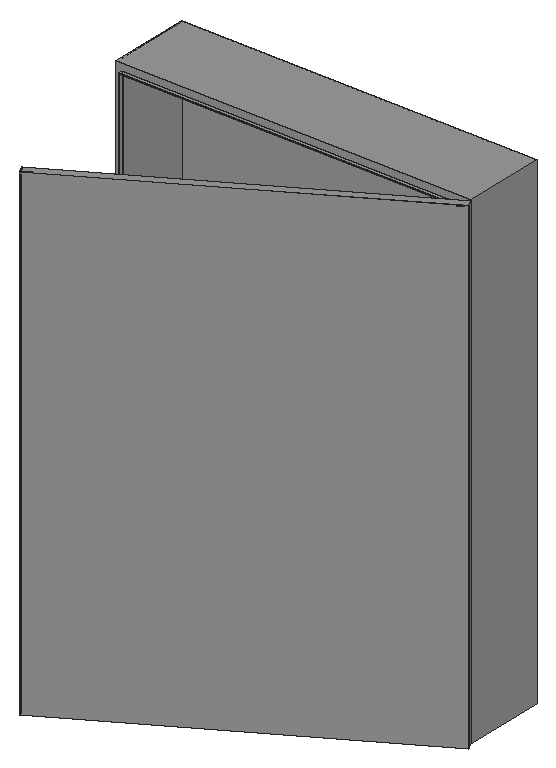
Revit family "Hager-Univers-IP54-D205-H1100-Cl.II-Encl-NoHosted-PL-en", category Equipement électrique, Revit 2020
Family settings
  Configuration du panneau = Deux colonnes, circuits au sein
  Cote de connecteur circulaire = Utiliser le diamètre
  Type d'élément = Tableau de raccordement
  Basée sur le plan de construction = Oui
  Toujours verticalement = Oui
  Couper avec des vides une fois chargée = Non
  Partagée = Non
  Point de calcul de pièce = Non
Parameters (values of type "Surface mounted (plaster) IP54 W800 H1100 D205  - FP73SW2")
  Width Control [instance] = if([EF000008 - Width] > Min Width, [EF000008 - Width], Min Width)  # 800 mm
  Commentaires du type = [HG000003 - Range]  # "Univers"
  Thickness Door [instance] = if([EF009171 - Material plate thickness door/cover] > 3 mm, 3 mm, [EF009171 - Material plate thickness door/cover])  # 1 mm
  Seal Frame Offset [instance] = 17 mm  # constant formula
  Plinth Visibility [instance] = [HG000027 - Plinth height] > 0 mm  # no
  Min Width [instance] = 100 mm  # constant formula
  Min Depth [instance] = (2 * [EF009170 - Material plate thickness cabinet]) + 1 mm  # 3 mm
  Min Height [instance] = 100 mm  # constant formula
  Internal Frame Depth [instance] = (Door System Depth * 0.5)  # 9 mm
  Panel Name [instance] = ""  # (empty or 0)
  Model = ""
  HG000027 - Plinth height = 0 mm
  HG000026 - Floor standing = no
  HG000024 - Bottom section height = 600 mm
  HG000023 - Double section enclosure = no
  HG000016 - Door 3d visibility [instance] = yes
  HG000015 - Clearance visibility [instance] = no
  HG000014 - Door on the right [instance] = yes
  HG000013 - Door on the left [instance] = not([HG000014 - Door on the right])  # no
  HG000012 - Door swing angle [instance] = 30.00°
  HG000010 - Asymmetric doors = no
  HG000009 - Double swing door = no
  HG000006 - Flush mounted = no
  HG000004 - Manufacturer reference = "FP73SW2"
  HG000003 - Range = "Univers"
  HG000002 - With door or cover = yes
  Frame Offset Bottom [instance] = 10 mm  # constant formula
  Frame Offset [instance] = 15 mm  # constant formula
  EF015940 - Cover with overpressure release = no
  EF011959 - Degree of protection (NEMA) = ""
  EF009554 - Number of openings for flange plates = 6
  EF009212 - Cover model = "EV000116 - Closed"
  EF009171 - Material plate thickness door/cover = 1 mm
  EF009170 - Material plate thickness cabinet = 1 mm
  EF008873 - Nominal current (In) = 250 A
  EF007800 - Suitable for lightning protection = no
  EF006306 - With lock = no
  EF006244 - Transparent cover/door = no
  EF005474 - Degree of protection (IP) = "EV006419 - IP54"
  EF004464 - Type of door = "EV002646 - Single"
  EF004427 - Number of modules = 252
  EF004293 - Impact strength = "EV006815 - IK09"
  EF003532 - Suitable for outdoor use = no
  EF002950 - Width in number of modular spacings = 36
  EF001613 - Circuit integrity = "EV000494 - None"
  EF001596 - Material housing = "EV000179 - Steel"
  EF001131 - Internal depth = 130 mm
  EF001088 - Extension possible = yes
  EF000437 - Number of conduit inlets = 6
  EF000339 - Type of cover = "EV004216 - Door"
  EF000266 - Number of rows = 7
  EF000218 - Built-in depth = 205 mm
  EF000118 - With mounting plate = no
  EF000116 - RAL-number = "9010"
  EF000049 - Depth = 205 mm
  EF000040 - Height = 1100 mm
  EF000008 - Width = 800 mm
  EF000007 - Colour = "EV000202 - White"
  EF000003 - Mounting method = "EV000384 - Surface mounted (plaster)"
  Door System Leaf Tolerance [instance] = 1.5 mm  # constant formula
  Door System Depth [instance] = 18 mm  # constant formula
  Door Height [instance] = Height Control - [HG000027 - Plinth height]  # 1100 mm
  Description = ""
  Default Elevation = 1219.2 mm
  Connector Offset [instance] = Height Control / 2  # 550 mm
  Fabricant = "Hager"  # constant formula
  Height Control [instance] = if([EF000040 - Height] > Min Height, [EF000040 - Height], Min Height)  # 1100 mm
  Depth Control [instance] = if([EF000049 - Depth] > Min Depth, [EF000049 - Depth], Min Depth)  # 205 mm
  Bottom Top Plate Trim [instance] = 1.5 mm  # constant formula
  Plinth height Ctrl [instance] = if([HG000027 - Plinth height] > 0 mm, [HG000027 - Plinth height], 12 mm)  # 12 mm
Types (5, lengths in mm): name | Width Control | HG000010 - Asymmetric doors | HG000009 - Double swing door | HG000004 - Manufacturer reference | EF009554 - Number of openings for flange plates | EF004464 - Type of door | EF004427 - Number of modules | EF002950 - Width in number of modular spacings | EF000437 - Number of conduit inlets | EF000008 - Width
  Surface mounted (plaster) IP54 W1050 H1100 D205  - FP74SW2 | 1050 | no | yes | "FP74SW2" | 8 | "EV003602 - Double" | 336 | 48 | 8 | 1050
  Surface mounted (plaster) IP54 W1300 H1100 D205  - FP75SW2 | 1300 | yes | yes | "FP75SW2" | 10 | "EV003602 - Double" | 420 | 60 | 10 | 1300
  Surface mounted (plaster) IP54 W300 H1100 D205  - FP71SW2 | 300 | no | no | "FP71SW2" | 2 | "EV002646 - Single" | 84 | 12 | 2 | 300
  Surface mounted (plaster) IP54 W550 H1100 D205  - FP72SW2 | 550 | no | no | "FP72SW2" | 4 | "EV002646 - Single" | 168 | 24 | 4 | 550
  Surface mounted (plaster) IP54 W800 H1100 D205  - FP73SW2 | 800 | no | no | "FP73SW2" | 6 | "EV002646 - Single" | 252 | 36 | 6 | 800
Reference planes
  plane 1 "Center (Front/Back)": y = 0
  plane 2: z = 0
  plane 3 "Center (Left/Right)": x = 0
  plane 4: y = 0
  plane 5: y = 0
  plane 6: z = 0
  plane 7: x = -400
  plane 8: x = 400
  plane 9: x = 399
  plane 10: x = -399
  plane 11: z = 0
  plane 12: z = 1
  plane 13: y = -205
  plane 14: y = -1
  plane 15: x = 0
  plane 16: y = -187
  plane 17: y = -204
  plane 18: y = -186
  plane 19: x = -384
  plane 20: x = 384
  plane 21: z = 11
  plane 22: x = -383
  plane 23: x = 383
  plane 24: z = 0
  plane 25: z = 1100
  plane 26: z = 1100
  plane 27: z = 1084
  plane 28: z = 1099
Forms (mm)
  Extrusion 1, solid, material "Hager_Steel_RAL7035_Light_Grey", detail levels medium+fine
    sketch origin (-208.679, -4572, 0) x (-1, 0, 0) y (0, -1, 0)
      loop
        line (191.321, -4385) -> (-608.679, -4385) -> (-608.679, -4572) -> (191.321, -4572) -> (191.321, -4385)
    from 0 to 1100
  Extrusion 2, void
    sketch origin (-350.771, -205, 1219.2) x (1, 0, 0) y (0, 0, 1)
      loop
        line (-48.229, -120.2) -> (-48.229, -1218.2) -> (749.771, -1218.2) -> (749.771, -120.2) -> (-48.229, -120.2)
    from -19 to -204
  Extrusion 3, void
    sketch origin (-290.084, -187, 1219.2) x (1, 0, 0) y (0, 0, 1)
      loop
        line (-93.916, -1208.2) -> (674.084, -1208.2) -> (674.084, -135.2) -> (-93.916, -135.2) -> (-93.916, -1208.2)
    from 0 to -1
  Extrusion 4, solid, material "Hager_Steel_RAL7035_Light_Grey", visible <- "Plinth Visibility", detail levels medium+fine
    sketch origin (0, 0, 0) x (1, 0, 0) y (0, 1, 0)
      loop
        line (-400, 0) -> (-400, -187) -> (400, -187) -> (400, 0) -> (-400, 0)
    from 0 to 12 <- "Plinth height Ctrl"
  Extrusion 5, solid, material "Hager_Steel_RAL7035_Light_Grey", detail levels coarse
    sketch origin (0, 0, 0) x (1, 0, 0) y (0, 1, 0)
      loop
        line (-400, 0) -> (-400, -205) -> (400, -205) -> (400, 0) -> (-400, 0)
    from 0 to 1100 <- "Height Control"
  Sweep 6, void
    path in 3D
      loop
        line (-400, -187, 12) -> (400, -187, 12) -> (400, 0, 12) -> (-400, 0, 12) -> (-400, -187, 12)
    profile origin (-400, -93.5, 12) x (1, 0, 0) y (0, 0, 1)
      loop
        line (0, 0) -> (0, -1.5) -> (1.5, -1.5)
        arc (1.5, -1.5) -> (1.061, -0.439) -> (0, 0) r 1.5
  Extrusion 7, solid, material "Hager_Steel_RAL7035_Light_Grey", detail levels fine
    sketch origin (-400, -187, 0) x (1, 0, 0) y (0, 0, 1)
      loop
        line (16, 11) -> (784, 11) -> (784, 1084) -> (16, 1084) -> (16, 11)
      loop
        line (15, 10) -> (785, 10) -> (785, 1085) -> (15, 1085) -> (15, 10)
    from 0 to 9 <- "Internal Frame Depth"
Cuts and joins
  Extrusion 2, Extrusion 3 cuts Extrusion 1
  Sweep 6 cuts Extrusion 4
Lines and regions (mm)
  Masking region 1
    outline origin (0, 0, 0) x (1, 0, 0) y (0, 1, 0)
      loop
        line (-400, 0) -> (-400, -205) -> (400, -205) -> (400, 0) -> (-400, 0)
  Masking region 2, detail levels coarse
    outline origin (-290.084, -187, 1219.2) x (-1, 0, 0) y (0, 0, 1)
      loop
        line (-690.084, -1219.2) -> (109.916, -1219.2) -> (109.916, -119.2) -> (-690.084, -119.2) -> (-690.084, -1219.2)
  Masking region 3, detail levels coarse
    outline origin (0, 0, 0) x (0, 1, 0) y (0, 0, 1)
      loop
        line (0, 0) -> (0, 1100) -> (-205, 1100) -> (-205, 0) -> (0, 0)
  Masking region 4, visible <- "Plinth Visibility", detail levels medium+fine
    outline origin (0, 0, 0) x (0, 1, 0) y (0, 0, 1)
      loop
        line (-1.5, 12) -> (-185.5, 12)
        arc (-185.5, 12) -> (-185.939, 10.939) -> (-187, 10.5) r 1.5
        line (-187, 10.5) -> (-187, 0) -> (0, 0) -> (0, 10.5)
        arc (0, 10.5) -> (-1.061, 10.939) -> (-1.5, 12) r 1.5
  Masking region 5, detail levels medium+fine
    outline origin (0, 0, 594.038) x (0, 1, 0) y (0, 0, 1)
      loop
        line (0, -594.038) -> (0, 505.962) -> (-187, 505.962) -> (-187, -594.038) -> (0, -594.038)
  Masking region 6, detail levels medium+fine
    outline origin (-359.7, -187, 1211.883) x (-1, 0, 0) y (0, 0, 1)
      loop
        line (-759.7, -1211.883) -> (40.3, -1211.883) -> (40.3, -111.883) -> (-759.7, -111.883) -> (-759.7, -1211.883)
  Masking region 7, visible <- "Plinth Visibility", detail levels medium+fine
    outline origin (-320.334, -187, 1041.368) x (-1, 0, 0) y (0, 0, 1)
      loop
        line (-720.334, -1041.368) -> (79.666, -1041.368) -> (79.666, -1030.868)
        arc (79.666, -1030.868) -> (78.606, -1030.429) -> (78.166, -1029.368) r 1.5
        line (78.166, -1029.368) -> (-718.834, -1029.368)
        arc (-718.834, -1029.368) -> (-719.273, -1030.429) -> (-720.334, -1030.868) r 1.5
        line (-720.334, -1030.868) -> (-720.334, -1041.368)
  sketch lines
    curve 1: line (-400, 0, 12) -> (-400, -187, 12)
    curve 2: line (-400, -187, 12) -> (400, -187, 12)
    curve 3: line (400, 0, 12) -> (-400, 0, 12)
    curve 4: line (400, -187, 12) -> (400, 0, 12)
Dimensions and locks
  locked: plane 1 "Center (Front/Back)" to plane 5
  "EF009170 - Material plate thickness cabinet": plane 7 to plane 10
  "EF009170 - Material plate thickness cabinet": plane 8 to plane 9
  equal spacing: plane 7, plane 3 "Center (Left/Right)", plane 8
  "Width Control": plane 7 to plane 8
  "Depth Control": plane 4 to plane 13
  "EF009170 - Material plate thickness cabinet": plane 4 to plane 14
  "Height Control": plane 25 to level
  "HG000027 - Plinth height": plane 11 to level
  "EF009170 - Material plate thickness cabinet": plane 12 to plane 11
  "EF009170 - Material plate thickness cabinet": plane 17 to plane 13
  "EF009170 - Material plate thickness cabinet": plane 18 to plane 16
  "Frame Offset Bottom": plane 21 to plane 12
  "Frame Offset": plane 10 to plane 19
  "Frame Offset": plane 9 to plane 20
  "Door System Depth": plane 16 to plane 13
  "Seal Frame Offset": plane 7 to plane 22
  "Seal Frame Offset": plane 8 to plane 23
  "EF009170 - Material plate thickness cabinet": plane 26 to plane 28
  "Frame Offset": plane 28 to plane 27
  "Connector Offset": plane 2 to connector elem
  "Bottom Top Plate Trim": profile plane to Sweep 6 sketch curve
  "Bottom Top Plate Trim": Sweep 6 sketch curve to Sweep 6 sketch curve
  "Plinth height Ctrl": Masking region 4 sketch curve to level
  "Plinth height Ctrl": Masking region 7 sketch curve to level
  "Thickness Door": Extrusion 7 sketch curve to Extrusion 7 sketch curve  (x4)
  "Bottom Top Plate Trim": radius of Sweep 6 sketch curve
  "Bottom Top Plate Trim": radius of Masking region 4 sketch curve  (x2)
  "Bottom Top Plate Trim": radius of Masking region 7 sketch curve  (x2)
  aligned and locked: Extrusion 2 sketch curve to plane 12
  aligned and locked: Extrusion 2 sketch curve to plane 9
  aligned and locked: Extrusion 2 sketch curve to plane 10
  aligned and locked: Extrusion 2 to plane 14
  aligned and locked: Extrusion 1 sketch curve to plane 4
  aligned and locked: plane 8 to Extrusion 1 sketch curve
  aligned and locked: plane 7 to Extrusion 1 sketch curve
  aligned and locked: Extrusion 2 to plane 18
  aligned and locked: Extrusion 3 sketch curve to plane 19
  aligned and locked: plane 20 to Extrusion 3 sketch curve
  aligned and locked: Extrusion 3 to Extrusion 2
  aligned and locked: Extrusion 3 sketch curve to plane 21
  aligned and locked: plane 3 "Center (Left/Right)" to nested 1
  aligned and locked: Extrusion 1 sketch curve to plane 16
  aligned and locked: Extrusion 4 sketch curve to cut or joined group of Extrusion 1, Extrusion 2, Extrusion 3
  aligned and locked: Masking region 1 sketch curve to plane 7
  aligned and locked: Masking region 1 sketch curve to plane 5
  aligned and locked: Masking region 1 sketch curve to plane 8
  aligned and locked: Masking region 2 sketch curve to level
  aligned and locked: level to Masking region 3 sketch curve
  aligned and locked: plane 1 "Center (Front/Back)" to Masking region 3 sketch curve
  aligned and locked: plane 13 to Masking region 3 sketch curve
  aligned and locked: plane 5 to Masking region 4 sketch curve
  aligned and locked: Masking region 2 sketch curve to plane 8
  aligned and locked: Masking region 2 sketch curve to plane 7
  aligned and locked: plane 7 to nested 2
  aligned and locked: nested 2 to plane 5
  aligned and locked: plane 5 to Masking region 5 sketch curve
  aligned and locked: plane 26 to Masking region 5 sketch curve
  aligned and locked: Extrusion 5 sketch curve to plane 8
  aligned and locked: Extrusion 5 sketch curve to plane 7
  aligned and locked: Extrusion 5 sketch curve to plane 5
  aligned and locked: Extrusion 3 sketch curve to plane 27
  aligned and locked: Extrusion 2 sketch curve to plane 28
  aligned and locked: Masking region 2 to plane 25
  aligned and locked: Extrusion 4 to plane 16
  aligned and locked: profile plane to Sweep 6 sketch curve
  aligned and locked: Masking region 5 sketch curve to plane 24
  aligned and locked: level to Masking region 4 sketch curve
  aligned and locked: Masking region 1 to plane 13
  aligned and locked: nested 1 to plane 16
  aligned and locked: Masking region 3 to plane 25
  aligned and locked: plane 16 to Masking region 4 sketch curve
  aligned and locked: Masking region 5 sketch curve to plane 16
  aligned and locked: plane 24 to plane 11
  aligned and locked: plane 26 to plane 25
  aligned and locked: plane 26 to cut or joined group of Extrusion 1, Extrusion 2, Extrusion 3
  aligned and locked: nested 1 to plane 24
  aligned and locked: Extrusion 1 to Extrusion 3
  aligned and locked: Masking region 6 sketch curve to plane 8
  aligned and locked: Masking region 6 sketch curve to plane 24
  aligned and locked: Masking region 6 sketch curve to plane 7
  aligned and locked: Masking region 6 sketch curve to plane 26
  aligned and locked: Masking region 7 sketch curve to plane 7
  aligned and locked: level to Masking region 7 sketch curve
  aligned and locked: Masking region 7 sketch curve to plane 8
  aligned and locked: Extrusion 7 sketch curve to cut or joined group of Extrusion 1, Extrusion 2, Extrusion 3  (x4)
Automatic sketch dimensions
  plane 19 to Extrusion 3 sketch curve = 0 mm
  Extrusion 3 sketch curve to plane 20 = 0 mm
  Extrusion 3 sketch curve to plane 21 = 0 mm
  Extrusion 4 sketch curve to plane 7 = 0 mm
  Extrusion 4 sketch curve to plane 8 = 0 mm
  Extrusion 4 sketch curve to plane 16 = 0 mm
  Masking region 1 sketch curve to plane 13 = 0 mm
  Masking region 2 sketch curve to plane 25 = 0 mm
  Masking region 3 sketch curve to plane 25 = 0 mm
  Extrusion 5 sketch curve to plane 13 = 0 mm
  profile plane to Sweep 6 sketch curve = 0 mm
Nested families
  nested 1: "EC000058_Univers_Door" at (0, -187, 0), Double <- "HG000009 - Double swing door", Transparent <- "EF006244 - Transparent cover/door", Angle <- "HG000012 - Door swing angle", Door_Right <- "HG000014 - Door on the right", Assymetrical <- "HG000010 - Asymmetric doors", Door <- "HG000002 - With door or cover", Width_Ctrl <- "Width Control", 3d_Door <- "HG000016 - Door 3d visibility", Clearance <- "HG000015 - Clearance visibility", Door_Left <- "HG000013 - Door on the left", Width <- "Width Control", Door_Depth <- "Door System Depth", Leaf_Tolerance <- "Door System Leaf Tolerance", Height <- "Door Height", Lock_Visibility <- "EF006306 - With lock", Thickness <- "Thickness Door", type "EC000058_Univers_Door", detail levels medium+fine
    with min_wh 3 mm, Width_Ctrl 800 mm, Width 800 mm, Transparent no, Thickness 1 mm, Seal_Material Hager_Rubber, Lock_Visibility no, Lock_Material Hager_Plastic_RAL9005_Jet_Black, Leaf_Width 800 mm, Leaf_Tolerance_External_Sides 0 mm, Leaf_Tolerance 1.5 mm, Leaf_Offset 0 mm, Leaf_Height 1097 mm, Leaf_2_Width 800 mm, Leaf_2_Offset 400 mm, Leaf_1_Width 800 mm, Leaf_1_Offset 400 mm, Height_Ctrl 1100 mm, Height 1100 mm, Glass_Material Hager_Glass, Double_Clearance_Ctrl no, Double no, Door_Right_Ctrl yes, Door_Right yes, Door_Material Hager_Steel_RAL7035_Light_Grey, Door_Left_Ctrl no, Door_Left no, Door_Depth 18 mm, Door yes, Clearance_Material Hager_Clearance, Clearance_Depth 800 mm, Clearance_Ctrl no, Clearance no, Assymetrical no, Angle 30.00°, 3d_Door yes
  nested 2: "Hager_Enclosure_Symbol" at (-400, 0, 0), Height <- "Depth Control", Width <- "Width Control", type "Hager_Enclosure_Symbol"
    with Width_Ctrl 800 mm, Width 800 mm, Height_Ctrl 205 mm, Height 205 mm, A_Width_Int 13.453 mm, A_Width 161.438 mm, A_Height_Ctrl 179.375 mm, A_Height 179.375 mm
Connectors
  electrical at (0, 0, 550)
    settings: on plane 1 "Center (Front/Back)", index 1, voltage 0 V, apparent load 0 VA, apparent load phase1 0 VA, apparent load phase2 0 VA, apparent load phase3 0 VA, power factor 1, load classification "Other", number of poles 1, system type 30, power factor state 1, is connector primary yes, connector utility no, sub classification motor no, connector description ""
Definition of nested family "EC000058_Univers_Door"
  Parameters (values of type "EC000058_Univers_Door")
    min_wh [instance] = (2 * Thickness) + 1 mm  # 11 mm
    Width_Ctrl [instance] = 400 mm
    Width [instance] = 500 mm
    Transparent [instance] = yes
    Thickness [instance] = 5 mm
    Seal_Material [instance] = none
    Lock_Visibility [instance] = yes
    Lock_Material [instance] = none
    Leaf_Width [instance] = if((Width_Ctrl - 2 * Leaf_Tolerance_External_Sides) > 0 mm, (Width_Ctrl - 2 * Leaf_Tolerance_External_Sides), min_wh)  # 400 mm
    Leaf_Tolerance_External_Sides [instance] = 0 mm  # constant formula
    Leaf_Tolerance [instance] = 1.5 mm
    Leaf_Offset [instance] = 0 mm  # constant formula
    Leaf_Height [instance] = if((Height_Ctrl - 2 * Leaf_Tolerance) > 0 mm, (Height_Ctrl - 2 * Leaf_Tolerance), min_wh)  # 497 mm
    Leaf_2_Width [instance] = if(and(and(Double, Assymetrical), Door_Left), (Leaf_Width / 3) - (Leaf_Tolerance / 2), if(and(and(Double, Assymetrical), Door_Right), (Leaf_Width / 3) * 2 - (Leaf_Tolerance / 2), if(and(Double, not(Assymetrical)), (Leaf_Width / 2) - Leaf_Tolerance, Leaf_Width)))  # 400 mm
    Leaf_2_Offset [instance] = if(and(Double, Assymetrical), Leaf_2_Width / 2, if(and(Double, not(Assymetrical)), Leaf_Width / 4, Leaf_Width / 2))  # 200 mm
    Leaf_1_Width [instance] = if(and(and(Double, Assymetrical), Door_Right), (Leaf_Width / 3) - (Leaf_Tolerance / 2), if(and(and(Double, Assymetrical), Door_Left), (Width / 3) * 2 - (Leaf_Tolerance / 2), if(and(Double, not(Assymetrical)), (Leaf_Width / 2) - Leaf_Tolerance, Leaf_Width)))  # 400 mm
    Leaf_1_Offset [instance] = if(and(Double, Assymetrical), Leaf_1_Width / 2, if(and(Double, not(Assymetrical)), Leaf_Width / 4, Leaf_Width / 2))  # 200 mm
    Height_Ctrl [instance] = if(Height > min_wh, Height, min_wh)  # 500 mm
    Height [instance] = 500 mm
    Glass_Material [instance] = none
    Double_Clearance_Ctrl [instance] = and(Double, Clearance)  # no
    Double [instance] = no
    Door_Right_Ctrl [instance] = and(or(Door_Right, Double), Door)  # yes
    Door_Right [instance] = yes
    Door_Material [instance] = none
    Door_Left_Ctrl [instance] = and(or(Door_Left, Double), Door)  # no
    Door_Left [instance] = no
    Door_Depth [instance] = 30 mm
    Door [instance] = yes
    Default Elevation = 1219.2 mm
    Clearance_Material [instance] = none
    Clearance_Depth [instance] = if(Leaf_1_Width > Leaf_2_Width, Leaf_1_Width, Leaf_2_Width)  # 400 mm
    Clearance_Ctrl [instance] = and(not(Double), Clearance)  # yes
    Clearance [instance] = yes
    Assymetrical [instance] = yes
    Angle [instance] = 30.00°
    3d_Door [instance] = yes
  Reference planes
    plane 1 "Center (Front/Back)": y = 0
    plane 2 "Bottom": z = 0
    plane 3 "Center (Left/Right)": x = 0
    plane 4: z = 500
    plane 5: x = -200
    plane 6: x = 200
    plane 7: z = 500
    plane 8: x = -200
    plane 9: z = 0
    plane 10: x = 200
    plane 11: y = 0
    plane 12: z = 1.5
    plane 13: x = -600
    plane 14: y = -400
    plane 15: x = 600
    plane 16: x = 0
    plane 17: x = 0
    plane 18: x = -200
    plane 19: x = 200
    plane 20: z = 498.5
  Forms (mm)
    Extrusion 1, solid, material <- "Clearance_Material", visible <- "Double_Clearance_Ctrl"
      sketch origin (1200, 0, 0) x (1, 0, 0) y (0, 0, -1)
        loop
          line (-1800, -498.5) -> (-600, -498.5) -> (-600, 0) -> (-1800, 0) -> (-1800, -498.5)
      from 0 to -400
  Dimensions and locks
    equal spacing: plane 5, plane 3 "Center (Left/Right)", plane 6
    "Width_Ctrl": plane 5 to plane 6
    "Leaf_Offset": plane 5 to plane 8
    "Leaf_Offset": plane 6 to plane 10
    "Leaf_Offset": plane 9 to level
    "Leaf_Offset": plane 4 to plane 7
    "Height_Ctrl": plane 4 to level
    "Leaf_Tolerance": plane 12 to plane 9
    locked: plane 11 to plane 1 "Center (Front/Back)"
    "Leaf_1_Offset": plane 18 to plane 16
    "Leaf_2_Offset": plane 17 to plane 19
    "Leaf_1_Width": plane 13 to plane 8
    "Leaf_2_Width": plane 10 to plane 15
    "Clearance_Depth": plane 14 to plane 1 "Center (Front/Back)"
    "Leaf_Tolerance_External_Sides": plane 8 to plane 18
    "Leaf_Tolerance_External_Sides": plane 19 to plane 10
    "Leaf_Tolerance": plane 7 to plane 20
    aligned and locked: level to plane 2 "Bottom"
    aligned and locked: nested 1 to plane 16
    aligned and locked: nested 2 to plane 17
    aligned and locked: Extrusion 1 to plane 13
    aligned and locked: plane 15 to Extrusion 1
    aligned and locked: Extrusion 1 to plane 14
    aligned and locked: plane 12 to nested 1
    aligned and locked: nested 2 to plane 12
    aligned and locked: Extrusion 1 to plane 11
    aligned and locked: plane 20 to Extrusion 1
    aligned and locked: nested 2 to plane 11
    aligned and locked: nested 1 to plane 11
  Automatic sketch dimensions
    Extrusion 1 sketch curve to level = 0 mm
    plane 5 to Extrusion 1 sketch curve = 400 mm
    plane 6 to Extrusion 1 sketch curve = 400 mm
    Extrusion 1 sketch curve to plane 4 = 1.5 mm
  Nested families
    nested 1: "EC000058_Univers_Door_Leaf" at (0, 0, 1.5), Width <- "Leaf_1_Width", visible <- "Door_Left_Ctrl", Leaf_Height <- "Leaf_Height", Angle <- "Angle", 3d_Door <- "3d_Door", Transparent <- "Transparent", Clearance Material <- "Clearance_Material", Clearance <- "Clearance_Ctrl", Door_Material <- "Door_Material", Glass_Material <- "Glass_Material", Door_Depth <- "Door_Depth", Lock_Material <- "Lock_Material", Seal_Material <- "Seal_Material", Lock_Visibility <- "Lock_Visibility", Thickness <- "Thickness", type "EC000058_Univers_Door_Leaf"
      with Width 400 mm, Transparent_Glass_Offset 30 mm, Transparent_Ctrl yes, Transparent yes, Thickness 5 mm, Standard no, Seal_Material none, Seal_D2 8 mm, Seal_D1 1 mm, Offset_Internal_Frame 10 mm, Lock_Width 20 mm, Lock_Visibility_3d yes, Lock_Visibility yes, Lock_Thickness_3 3 mm, Lock_Thickness_2 1 mm, Lock_Thickness_1 3 mm, Lock_Radius_Offset_2 16 mm, Lock_Radius_Offset_1 15 mm, Lock_Radius_2 5 mm, Lock_Radius 6 mm, Lock_Offset 5 mm, Lock_Material none, Lock_Height 80 mm, Lock_Cover_Top_Offset_2d 17 mm, Lock_Cover_Height -65 mm, Leaf_Height 497 mm, Internal_Seal_Thickness 8 mm, Internal_Seal_Depth_2 4.5 mm, Internal_Frame_Depth 25 mm, Glass_Thickness -1 mm, Glass_Offset -2 mm, Glass_Material none, Door_Material none, Door_Depth 30 mm, Clearance Material none, Clearance yes, Angle_Ctrl 30.00°, Angle 30.00°, 3d_Door yes
    nested 2: "EC000058_Univers_Door_Leaf" at (0, 0, 1.5) x (-1, 0, 0) z (0, 0, 1), Width <- "Leaf_2_Width", visible <- "Door_Right_Ctrl", Leaf_Height <- "Leaf_Height", Angle <- "Angle", 3d_Door <- "3d_Door", Transparent <- "Transparent", Clearance Material <- "Clearance_Material", Clearance <- "Clearance_Ctrl", Door_Material <- "Door_Material", Glass_Material <- "Glass_Material", Door_Depth <- "Door_Depth", Lock_Material <- "Lock_Material", Seal_Material <- "Seal_Material", Lock_Visibility <- "Lock_Visibility", Thickness <- "Thickness", type "EC000058_Univers_Door_Leaf"
      with Width 400 mm, Transparent_Glass_Offset 30 mm, Transparent_Ctrl yes, Transparent yes, Thickness 5 mm, Standard no, Seal_Material none, Seal_D2 8 mm, Seal_D1 1 mm, Offset_Internal_Frame 10 mm, Lock_Width 20 mm, Lock_Visibility_3d yes, Lock_Visibility yes, Lock_Thickness_3 3 mm, Lock_Thickness_2 1 mm, Lock_Thickness_1 3 mm, Lock_Radius_Offset_2 16 mm, Lock_Radius_Offset_1 15 mm, Lock_Radius_2 5 mm, Lock_Radius 6 mm, Lock_Offset 5 mm, Lock_Material none, Lock_Height 80 mm, Lock_Cover_Top_Offset_2d 17 mm, Lock_Cover_Height -65 mm, Leaf_Height 497 mm, Internal_Seal_Thickness 8 mm, Internal_Seal_Depth_2 4.5 mm, Internal_Frame_Depth 25 mm, Glass_Thickness -1 mm, Glass_Offset -2 mm, Glass_Material none, Door_Material none, Door_Depth 30 mm, Clearance Material none, Clearance yes, Angle_Ctrl 30.00°, Angle 30.00°, 3d_Door yes
  Definition of nested family "EC000058_Univers_Door_Leaf"
    Parameters (values of type "EC000058_Univers_Door_Leaf")
      Width [instance] = 2000 mm
      Transparent_Glass_Offset [instance] = 30 mm
      Transparent_Ctrl [instance] = and(Transparent, [3d_Door])  # yes
      Transparent [instance] = yes
      Thickness [instance] = 5 mm
      Standard [instance] = and(not(Transparent), [3d_Door])  # no
      Seal_Material [instance] = none
      Seal_D2 [instance] = 8 mm  # constant formula
      Seal_D1 [instance] = 1 mm  # constant formula
      Offset_Internal_Frame [instance] = 10 mm  # constant formula
      Lock_Width [instance] = 20 mm  # constant formula
      Lock_Visibility_3d [instance] = and(Lock_Visibility, [3d_Door])  # yes
      Lock_Visibility [instance] = yes
      Lock_Thickness_3 [instance] = 3 mm  # constant formula
      Lock_Thickness_2 [instance] = 1 mm  # constant formula
      Lock_Thickness_1 [instance] = 3 mm  # constant formula
      Lock_Radius_Offset_2 [instance] = Lock_Radius_Offset_1 + 1 mm  # 16 mm
      Lock_Radius_Offset_1 [instance] = 15 mm  # constant formula
      Lock_Radius_2 [instance] = Lock_Radius - 1 mm  # 5 mm
      Lock_Radius [instance] = 6 mm  # constant formula
      Lock_Offset [instance] = 5 mm  # constant formula
      Lock_Material [instance] = none
      Lock_Height [instance] = 80 mm  # constant formula
      Lock_Cover_Top_Offset_2d [instance] = Lock_Radius_Offset_2 + 1 mm  # 17 mm
      Lock_Cover_Height [instance] = -(Lock_Height - Lock_Radius_Offset_1)  # -65 mm
      Leaf_Height [instance] = 2720.336 mm
      Internal_Seal_Thickness [instance] = 8 mm  # constant formula
      Internal_Seal_Depth_2 [instance] = 4.5 mm  # constant formula
      Internal_Frame_Depth [instance] = if(Door_Depth - Thickness > 5 mm, Door_Depth - Thickness, 5 mm)  # 25 mm
      Glass_Thickness [instance] = if(Thickness > 15 mm, Glass_Offset + 10 mm, -1 mm)  # -1 mm
      Glass_Offset [instance] = if(Thickness > 15 mm, -(Thickness + 10 mm) / 2, -2 mm)  # -2 mm
      Glass_Material [instance] = none
      Door_Material [instance] = none
      Door_Depth [instance] = 30 mm
      Default Elevation = 0 mm
      Clearance Material [instance] = none
      Clearance [instance] = yes
      Angle_Ctrl [instance] = if(Angle > 180.00°, 180.00°, Angle)  # 90.00°
      Angle [instance] = 90.00°
      3d_Door [instance] = yes
    Reference planes
      plane 1 "Center (Front/Back)": y = 0
      plane 2: z = 0
      plane 3 "Center (Left/Right)": x = 0
      plane 4: y = 2000
      plane 5: x = -1000
      plane 6: x = 1000
      plane 7: x = -3000
      plane 8: z = 2720.336
      plane 9: z = 30
      plane 10: z = 2690.336
      plane 11: x = 970
      plane 12: x = -970
      plane 13: y = -3
      plane 14: z = 107.833
      plane 15: y = -5
      plane 16: y = -223.314
      plane 17: x = -1000
      plane 18: z = 1360.168
      plane 19: y = 30
    Forms (mm)
      Extrusion 1, solid, material <- "Clearance Material", visible <- "Clearance"
        sketch origin (0, 0, 0) x (1, 0, 0) y (0, 0, 1)
          loop
            line (-3000, 2720.336) -> (-3000, 0) -> (1000, 0) -> (1000, 2720.336) -> (-3000, 2720.336)
        from 0 to -2000
      Extrusion 2, solid, material <- "Door_Material", visible <- "Standard", detail levels medium+fine
        sketch origin (-1000, 0, 0) x (0, 1, 0) y (-1, 0, 0)
          loop
            line (0, 30) -> (0, 25) -> (2000, 25) -> (2000, 30) -> (0, 30)
        from 0 to 2720.336 <- "Leaf_Height"
      Extrusion 3, solid, material <- "Door_Material", visible <- "Transparent_Ctrl", detail levels medium+fine
        sketch origin (-1000, 0, 0) x (0, 1, 0) y (-1, 0, 0)
          loop
            line (0, 25) -> (2000, 25) -> (2000, 30) -> (0, 30) -> (0, 25)
        from 0 to 2720.336 <- "Leaf_Height"
      Extrusion 4, void
        sketch origin (-1025, 2000, 0) x (0, 1, 0) y (0, 0, -1)
          loop
            line (-30, -2690.336) -> (-30, -30) -> (-1970, -30) -> (-1970, -2690.336) -> (-30, -2690.336)
        from 0 to 5 <- "Thickness"
      Sweep 5, solid, material <- "Seal_Material", visible <- "Transparent_Ctrl", detail levels fine
        path in 3D
          loop
            line (-1025, 30, 30) -> (-1025, 30, 2690.336) -> (-1025, 1970, 2690.336) -> (-1025, 1970, 30) -> (-1025, 30, 30)
        profile origin (-1025, 1000, 30) x (1, 0, 0) y (0, 0, 1)
          loop
            line (0, 0) -> (0, -8) -> (1, -8) -> (1, 0) -> (0, 0)
      Extrusion 6, solid, material <- "Glass_Material", visible <- "Transparent_Ctrl", detail levels medium+fine
        sketch origin (-1030, 0, 0) x (0, 1, 0) y (0, 0, -1)
          loop
            line (1970, -2690.336) -> (1970, -30) -> (30, -30) -> (30, -2690.336) -> (1970, -2690.336)
        from -2 <- "Glass_Offset" to -1 <- "Glass_Thickness"
      Extrusion 7, solid, material <- "Door_Material", visible <- "3d_Door", detail levels medium+fine
        sketch origin (-1025, 2000, 0) x (0, -1, 0) y (0, 0, -1)
          loop
            line (0, -2720.336) -> (2000, -2720.336) -> (2000, 0) -> (0, 0) -> (0, -2720.336)
          loop
            line (1995, -5) -> (5, -5) -> (5, -2715.336) -> (1995, -2715.336) -> (1995, -5)
        from 0 to 25 <- "Internal_Frame_Depth"
      Sweep 8, solid, material <- "Seal_Material", visible <- "Transparent_Ctrl", detail levels fine
        path in 3D
          loop
            line (-1025, 0, 0) -> (-1025, 2000, 0) -> (-1025, 2000, 2720.336) -> (-1025, 0, 2720.336) -> (-1025, 0, 0)
        profile origin (-1025, 0, 1360.168) x (1, 0, 0) y (0, 1, 0)
          loop
            line (0, 10) -> (2.975, 10)
            arc (2.975, 10) -> (4.053, 10.447) -> (4.5, 11.525) r 1.525
            line (4.5, 11.525) -> (4.5, 16.527)
            arc (4.5, 16.527) -> (4.069, 17.569) -> (3.027, 18) r 1.473
            line (3.027, 18) -> (0, 18) -> (0, 10)
      Extrusion 9, solid, material <- "Lock_Material", visible <- "Lock_Visibility_3d", detail levels fine
        sketch origin (-1030, 0, 0) x (0, 1, 0) y (0, 0, -1)
          loop
            arc (1993.5, -1400.168) -> (1994.561, -1399.729) -> (1995, -1398.668) r 1.5
            line (1995, -1398.668) -> (1995, -1320.168) -> (1975, -1320.168) -> (1975, -1398.668)
            arc (1975, -1398.668) -> (1975.439, -1399.729) -> (1976.5, -1400.168) r 1.5
            line (1976.5, -1400.168) -> (1993.5, -1400.168)
        from 3 <- "Lock_Thickness_1" to 0
      Blend 10, solid, material <- "Lock_Material", visible <- "Lock_Visibility_3d", detail levels fine
        base sketch origin (-1033, 0, 0) x (0, 1, 0) y (0, 0, -1)
          loop
            line (1975, -1320.168) -> (1975, -1398.668)
            arc (1975, -1398.668) -> (1975.439, -1399.729) -> (1976.5, -1400.168) r 1.5
            line (1976.5, -1400.168) -> (1993.5, -1400.168)
            arc (1993.5, -1400.168) -> (1994.561, -1399.729) -> (1995, -1398.668) r 1.5
            line (1995, -1398.668) -> (1995, -1320.168) -> (1975, -1320.168)
        top sketch origin (-1033, 0, 0) x (0, 1, 0) y (0, 0, -1)
          loop
            line (1976, -1320.168) -> (1976, -1398.668)
            arc (1976, -1398.668) -> (1976.146, -1399.022) -> (1976.5, -1399.168) r 0.5
            line (1976.5, -1399.168) -> (1993.5, -1399.168)
            arc (1993.5, -1399.168) -> (1993.854, -1399.022) -> (1994, -1398.668) r 0.5
            line (1994, -1398.668) -> (1994, -1320.168) -> (1976, -1320.168)
        from 0 to 1 <- "Lock_Thickness_2"
      Blend 11, solid, material <- "Lock_Material", visible <- "Lock_Visibility_3d", detail levels fine
        base sketch origin (-1034, 0, 0) x (0, 1, 0) y (0, 0, -1)
          loop
            line (1978, -1320.168) -> (1978, -1384.168)
            arc (1978, -1384.168) -> (1985, -1391.168) -> (1992, -1384.168) r 7
            line (1992, -1384.168) -> (1992, -1320.168) -> (1978, -1320.168)
        top sketch origin (-1034, 0, 0) x (0, 1, 0) y (0, 0, -1)
          loop
            line (1991, -1320.168) -> (1979, -1320.168) -> (1979, -1383.168)
            arc (1979, -1383.168) -> (1985, -1389.168) -> (1991, -1383.168) r 6
            line (1991, -1383.168) -> (1991, -1320.168)
        from 0 to 3 <- "Lock_Thickness_3"
      Extrusion 12, solid, material <- "Lock_Material", visible <- "Lock_Visibility_3d", detail levels fine
        sketch origin (-1030, 1975, 1320.168) x (1, 0, 0) y (0, -1, 0)
          loop
            line (-7, -19) -> (-7, -1) -> (0, -1) -> (0, 0) -> (-8, 0) -> (-8, -20) -> (0, -20) -> (0, -19) -> (-7, -19)
        from 0 to -65 <- "Lock_Cover_Height"
      Extrusion 13, void
        sketch origin (-1038, 1995, 1320.168) x (-1, 0, 0) y (0, 0, -1)
          loop
            line (-5, -65) -> (0, -65) -> (-5, -60) -> (-5, -65)
        from 0 to 20 <- "Lock_Width"
      Extrusion 14, void
        sketch origin (-1038, 1975, 1320.168) x (0, -1, 0) y (0, 0, -1)
          loop
            circle (-10, -15.995) r 6
          loop
            circle (-10, -15.995) r 5
        from 0 to 2
      Extrusion 15, solid, material <- "Lock_Material", visible <- "Lock_Visibility_3d", detail levels medium
        sketch origin (-1030, 0, 0) x (0, 1, 0) y (0, 0, -1)
          loop
            arc (1993.5, -1400.168) -> (1994.561, -1399.729) -> (1995, -1398.668) r 1.5
            line (1995, -1398.668) -> (1995, -1320.168) -> (1975, -1320.168) -> (1975, -1398.668)
            arc (1975, -1398.668) -> (1975.439, -1399.729) -> (1976.5, -1400.168) r 1.5
            line (1976.5, -1400.168) -> (1993.5, -1400.168)
        from 8 to 0
    Cuts and joins
      Extrusion 4 cuts Extrusion 3
      Extrusion 13, Extrusion 14 cuts Extrusion 9
      Extrusion 14 cuts Blend 11
      Extrusion 13, Extrusion 14 cuts Extrusion 12
      joined: Extrusion 9, Blend 10, Blend 11, Extrusion 12
      Extrusion 14 cuts Extrusion 15
    Lines and regions (mm)
      Masking region 1, visible <- "Lock_Visibility", detail levels fine
        outline origin (0, 0, 0) x (0, 1, 0) y (0, 0, 1)
          loop
            line (30, 1320.168) -> (33, 1320.168) -> (33, 1400.168) -> (30, 1400.168) -> (30, 1320.168)
      Masking region 2, visible <- "Lock_Visibility", detail levels fine
        outline origin (0, 3.143, 0) x (0, 1, 0) y (0, 0, 1)
          loop
            line (29.857, 1354.168) -> (30.857, 1354.168) -> (30.857, 1366.168) -> (29.857, 1366.168) -> (29.857, 1354.168)
      Masking region 3, detail levels medium+fine
        outline origin (0, 0, 0) x (0, 1, 0) y (0, 0, 1)
          loop
            line (0, 0) -> (30, 0) -> (30, 2720.336) -> (0, 2720.336) -> (0, 0)
      Masking region 4, detail levels medium+fine
        outline origin (0, 0, 0) x (1, 0, 0) y (0, 0, 1)
          loop
            line (-1000, 2720.336) -> (-1000, 0) -> (1000, 0) -> (1000, 2720.336) -> (-1000, 2720.336)
      Masking region 5, visible <- "Lock_Visibility", detail levels fine
        outline origin (-47.116, 0, 0) x (1, 0, 0) y (0, 0, 1)
          loop
            arc (1024.616, 1399.168) -> (1023.556, 1398.729) -> (1023.116, 1397.668) r 1.5
            line (1023.116, 1397.668) -> (1023.116, 1320.168) -> (1041.116, 1320.168) -> (1041.116, 1397.668)
            arc (1041.116, 1397.668) -> (1040.677, 1398.729) -> (1039.616, 1399.168) r 1.5
            line (1039.616, 1399.168) -> (1024.616, 1399.168)
      Masking region 6, visible <- "Lock_Visibility", detail levels medium+fine
        outline origin (-25, 0, 0) x (1, 0, 0) y (0, 0, 1)
          loop
            arc (1001.5, 1400.168) -> (1000.439, 1399.729) -> (1000, 1398.668) r 1.5
            line (1000, 1398.668) -> (1000, 1320.168) -> (1020, 1320.168) -> (1020, 1398.668)
            arc (1020, 1398.668) -> (1019.561, 1399.729) -> (1018.5, 1400.168) r 1.5
            line (1018.5, 1400.168) -> (1001.5, 1400.168)
      Masking region 7, visible <- "Lock_Visibility", detail levels fine
        outline origin (-73.735, 0, 0) x (1, 0, 0) y (0, 0, 1)
          loop
            line (1051.735, 1382.168) -> (1065.735, 1382.168) -> (1065.735, 1384.168)
            arc (1065.735, 1384.168) -> (1058.735, 1391.168) -> (1051.735, 1384.168) r 7
            line (1051.735, 1384.168) -> (1051.735, 1382.168)
      Masking region 8, visible <- "Lock_Visibility", detail levels fine
        outline origin (-73.735, 0, 0) x (1, 0, 0) y (0, 0, 1)
          loop
            line (1052.735, 1382.168) -> (1064.735, 1382.168) -> (1064.735, 1383.168)
            arc (1064.735, 1383.168) -> (1058.735, 1389.168) -> (1052.735, 1383.168) r 6
            line (1052.735, 1383.168) -> (1052.735, 1382.168)
      Masking region 9, visible <- "Lock_Visibility", detail levels fine
        outline origin (-25, 0, 0) x (1, 0, 0) y (0, 0, 1)
          loop
            line (1020, 1320.168) -> (1020, 1382.168) -> (1000, 1382.168) -> (1000, 1320.168) -> (1020, 1320.168)
      Masking region 10, detail levels medium+fine
        outline origin (0, 0, 0) x (1, 0, 0) y (0, 0, 1)
          loop
            circle (985, 1335.144) r 6
      Masking region 11, detail levels fine
        outline origin (0, 0, 0) x (1, 0, 0) y (0, 0, 1)
          loop
            circle (985, 1335.144) r 5
      Masking region 12, visible <- "Lock_Visibility", detail levels fine
        outline origin (0, 12.767, 0) x (0, 1, 0) y (0, 0, 1)
          loop
            line (20.233, 1320.168) -> (21.233, 1320.168) -> (21.233, 1399.168) -> (20.233, 1400.168) -> (20.233, 1320.168)
      Masking region 13, visible <- "Lock_Visibility", detail levels fine
        outline origin (0, 13.767, -10) x (0, 1, 0) y (0, 0, 1)
          loop
            line (20.233, 1330.168) -> (23.233, 1330.168) -> (23.233, 1399.168) -> (20.233, 1402.168) -> (20.233, 1330.168)
      Masking region 14, visible <- "Lock_Visibility", detail levels fine
        outline origin (0, 12.767, -10) x (0, 1, 0) y (0, 0, 1)
          loop
            line (20.233, 1330.168) -> (25.233, 1330.168) -> (25.233, 1399.305) -> (20.233, 1394.305) -> (20.233, 1330.168)
      Masking region 15, visible <- "Lock_Visibility", detail levels medium
        outline origin (0, 0, 0) x (0, 1, 0) y (0, 0, 1)
          loop
            line (30, 1320.168) -> (38, 1320.168) -> (38, 1400.168) -> (30, 1400.168) -> (30, 1320.168)
      Masking region 16, visible <- "Lock_Visibility", detail levels fine
        outline origin (-1000, 0, 0) x (0, 1, 0) y (-1, 0, 0)
          loop
            line (1975, 30) -> (1995, 30) -> (1995, 38) -> (1975, 38) -> (1975, 30)
          loop
            line (1979, 37) -> (1976, 37) -> (1976, 34) -> (1978, 34) -> (1979, 37)
          loop
            line (1994, 37) -> (1991, 37) -> (1992, 34) -> (1994, 34) -> (1994, 37)
      Masking region 17, visible <- "Lock_Visibility", detail levels medium
        outline origin (-1000, 0, 0) x (0, 1, 0) y (-1, 0, 0)
          loop
            line (1975, 30) -> (1995, 30) -> (1995, 38) -> (1975, 38) -> (1975, 30)
      symbolic lines
        curve 1: line (1000, 0, 0) -> (-3000, 0, 0)
        curve 2: arc (1000, 0, 0) -> (-1000, 2000, 0) -> (-3000, 0, 0) r 2000
        curve 4: line (-1030, 0, 0) -> (-1030, 2000, 0)
      reference lines
        curve 3: line (-1000, 0, 0) -> (-1000, 2000, 0)
      symbolic lines, detail levels medium+fine
        curve 5: line (-1030, 2000, 0) -> (-1025, 2000, 0)
        curve 7: line (-1025, 0, 0) -> (-1030, 0, 0)
        curve 8: line (-1025, 0, 0) -> (-1000, 0, 0)
        curve 9: line (-1000, 0, 0) -> (-1000, 2000, 0)
        curve 10: line (-1000, 2000, 0) -> (-1025, 2000, 0)
      symbolic lines, detail levels fine
        curve 6: line (-1025, 2000, 0) -> (-1025, 0, 0)
      sketch lines
        curve 11: line (-1025, 0, 2720.336) -> (-1025, 0, 0)
        curve 12: line (-1025, 2000, 0) -> (-1025, 0, 0)
        curve 13: line (-1025, 2000, 2720.336) -> (-1025, 2000, 0)
        curve 14: line (-1025, 0, 2720.336) -> (-1025, 2000, 2720.336)
        curve 15: line (-1025, 1970, 30) -> (-1025, 30, 30)
        curve 16: line (-1025, 30, 30) -> (-1025, 30, 2690.336)
        curve 17: line (-1025, 1970, 2690.336) -> (-1025, 1970, 30)
        curve 18: line (-1025, 30, 2690.336) -> (-1025, 1970, 2690.336)
      symbolic lines, visible <- "Transparent", detail levels medium+fine
        curve 19: line (-970, 0, 2690.336) -> (970, 0, 2690.336)
        curve 20: line (-970, 0, 30) -> (-970, 0, 2690.336)
        curve 21: line (970, 0, 30) -> (-970, 0, 30)
        curve 22: line (970, 0, 2690.336) -> (970, 0, 30)
    Dimensions and locks
      "Width": plane 1 "Center (Front/Back)" to plane 4
      equal spacing: plane 5, plane 3 "Center (Left/Right)", plane 6
      "Width": plane 5 to plane 6
      "Width": plane 7 to plane 5
      "Leaf_Height": plane 8 to level
      "Width": curve 5 to curve 3
      "Width": curve 3 to curve 3
      plane 8 to plane 10 = 30 mm
      plane 9 to level = 30 mm
      plane 12 to plane 5 = 30 mm
      plane 6 to plane 11 = 30 mm
      Extrusion 1 to Extrusion 4 sketch curve = 30 mm
      "Transparent_Glass_Offset": curve 3 to Extrusion 4 sketch curve
      "Transparent_Glass_Offset": Extrusion 4 sketch curve to cut or joined group of Extrusion 3, Extrusion 4  (x2)
      cut or joined group of Extrusion 3, Extrusion 4 to Extrusion 6 sketch curve = 30 mm
      "Transparent_Glass_Offset": cut or joined group of Extrusion 3, Extrusion 4 to Extrusion 4 sketch curve
      "Thickness": curve 6 to curve 4
      "Thickness": Extrusion 7 sketch curve to Extrusion 7 sketch curve  (x4)
      "Door_Depth": curve 4 to curve 3
      "Offset_Internal_Frame": profile plane to Sweep 8 sketch curve
      "Internal_Seal_Thickness": Sweep 8 sketch curve to Sweep 8 sketch curve
      "Internal_Seal_Depth_2": profile plane to Sweep 8 sketch curve
      "Seal_D1": profile plane to Sweep 5 sketch curve
      "Seal_D2": profile plane to Sweep 5 sketch curve
      "Thickness": Extrusion 2 sketch curve to Extrusion 2 sketch curve
      equal spacing: Extrusion 9 sketch curve, plane 18, Extrusion 9 sketch curve  (x2)
      equal spacing: Masking region 1 sketch curve, plane 18, Masking region 1 sketch curve
      "Lock_Height": Masking region 1 sketch curve to Masking region 1 sketch curve
      "Lock_Radius": Masking region 2 sketch curve to plane 18 to Masking region 2 sketch curve
      Masking region 2 sketch curve to Masking region 1 = 1 mm
      "Door_Depth": plane 19 to plane 1 "Center (Front/Back)"
      "Lock_Thickness_1": Masking region 1 sketch curve to plane 19
      "Lock_Width": Extrusion 9 sketch curve to Extrusion 9 sketch curve
      "Lock_Height": Extrusion 9 sketch curve to Extrusion 9 sketch curve
      "Lock_Offset": cut or joined group of Extrusion 3, Extrusion 4 to Extrusion 9 sketch curve
      equal spacing: plane 8, plane 18, level
      "Lock_Radius_Offset_1": Blend 11 sketch curve to Blend 10
      locked: Blend 10 to Blend 11 sketch curve at 2  (x2)
      locked: var sketch to Blend 11 sketch curve at 1  (x2)
      "Lock_Radius_Offset_2": Blend 11 sketch curve to Blend 10
      locked: Extrusion 12 sketch curve to Extrusion 12 sketch curve at 1  (x3)
      Masking region 6 sketch curve to Masking region 6 sketch curve = 80 mm
      "Lock_Height": Masking region 6 sketch curve to Masking region 6 sketch curve
      "Lock_Width": Masking region 6 sketch curve to Masking region 6 sketch curve
      locked: Masking region 6 to Masking region 5 sketch curve at 1  (x3)
      locked: Masking region 5 to Masking region 7 sketch curve at 2  (x2)
      "Lock_Radius_Offset_1": Masking region 5 to Masking region 7 sketch curve
      "Lock_Radius_Offset_2": Masking region 5 to Masking region 8 sketch curve
      locked: Masking region 7 to Masking region 8 sketch curve at 1  (x2)
      "Lock_Cover_Top_Offset_2d": Masking region 5 to Masking region 9 sketch curve
      equal spacing: Masking region 9, Masking region 10 sketch curve, Masking region 9
      equal spacing: Masking region 9, Masking region 11 sketch curve, Masking region 9
      Extrusion 15 sketch curve to Extrusion 15 sketch curve = 80 mm
      "Lock_Width": Extrusion 15 sketch curve to Extrusion 15 sketch curve
      "Lock_Height": Extrusion 15 sketch curve to Extrusion 15 sketch curve
      equal spacing: Extrusion 15 sketch curve, plane 18, Extrusion 15 sketch curve
      "Lock_Thickness_3": Masking region 13 sketch curve to Masking region 13 sketch curve
      "Lock_Height": Masking region 12 sketch curve to Masking region 12 sketch curve
      locked: Masking region 13 sketch curve to Masking region 1 at 8
      locked: Masking region 14 sketch curve to Masking region 13 at 1
      locked: Masking region 14 sketch curve to Masking region 1 at 10.863
      "Lock_Height": Masking region 15 sketch curve to Masking region 15 sketch curve
      "Lock_Offset": Extrusion 15 sketch curve to cut or joined group of Extrusion 3, Extrusion 4
      "Lock_Offset": plane 6 to Masking region 6 sketch curve
      radius of Sweep 8 sketch curve = 1.525 mm
      radius of Sweep 8 sketch curve = 1.473 mm
      radius of Extrusion 9 sketch curve = 1.5 mm  (x2)
      "Lock_Radius": radius of Extrusion 14 sketch curve
      "Lock_Radius_2": radius of Extrusion 14 sketch curve
      "Lock_Radius": radius of Masking region 10 sketch curve
      "Lock_Radius_2": radius of Masking region 11 sketch curve
      radius of Extrusion 15 sketch curve = 1.5 mm  (x2)
      "Angle_Ctrl": angle plane 1 "Center (Front/Back)" to curve 3
      locked: Masking region 12 sketch curve to Masking region 12 sketch curve (angle 45.00°)
      locked: Masking region 13 sketch curve to Masking region 13 sketch curve (angle 45.00°)
      locked: Masking region 14 sketch curve to Masking region 14 sketch curve (angle 45.00°)
      aligned and locked: level to plane 2
      aligned and locked: Extrusion 1 to curve 1
      aligned and locked: plane 6 to Extrusion 1
      aligned and locked: Extrusion 1 to plane 1 "Center (Front/Back)"
      aligned and locked: plane 4 to Extrusion 1
      aligned and locked: plane 8 to Extrusion 1
      aligned and locked: curve 7 to Extrusion 2 sketch curve
      aligned and locked: curve 5 to Extrusion 2 sketch curve
      aligned and locked: curve 7 to Extrusion 3 sketch curve
      aligned and locked: Extrusion 3 sketch curve to curve 4
      aligned and locked: Extrusion 3 sketch curve to curve 6
      aligned and locked: Extrusion 3 sketch curve to curve 5
      aligned and locked: curve 9 to curve 3
      aligned and locked: Extrusion 7 sketch curve to cut or joined group of Extrusion 3, Extrusion 4  (x4)
      aligned and locked: plane 17 to curve 3
      aligned and locked: plane 1 "Center (Front/Back)" to curve 3
      aligned and locked: plane 17 to plane 5
      aligned and locked: Sweep 8 sketch curve to profile plane
      aligned and locked: Sweep 5 sketch curve to profile plane  (x2)
      aligned and locked: Masking region 1 to Masking region 2 sketch curve
      aligned and locked: plane 19 to Masking region 1 sketch curve
      aligned and locked: plane 1 "Center (Front/Back)" to Masking region 3 sketch curve
      aligned and locked: plane 19 to Masking region 3 sketch curve
      aligned and locked: level to Masking region 3 sketch curve
      aligned and locked: Masking region 3 sketch curve to plane 8
      aligned and locked: plane 17 to Masking region 4 sketch curve
      aligned and locked: level to Masking region 4 sketch curve
      aligned and locked: Masking region 4 sketch curve to plane 8
      aligned and locked: plane 12 to curve 20
      aligned and locked: plane 10 to curve 19
      aligned and locked: plane 11 to curve 22
      aligned and locked: curve 21 to plane 9
      aligned and locked: Extrusion 2 sketch curve to cut or joined group of Extrusion 3, Extrusion 4
      aligned and locked: Blend 10 sketch curve to Extrusion 9  (x4)
      aligned and locked: Extrusion 9 to Blend 10 sketch curve
      aligned and locked: Blend 10 to Blend 11 sketch curve
      aligned and locked: Extrusion 12 sketch curve to Blend 11
      aligned and locked: Extrusion 12 sketch curve to Extrusion 9  (x4)
      aligned and locked: Masking region 5 sketch curve to Masking region 6
      aligned and locked: Masking region 9 sketch curve to Masking region 6  (x3)
      aligned and locked: Masking region 12 sketch curve to Masking region 1
      aligned and locked: Masking region 13 sketch curve to Masking region 1
      aligned and locked: Masking region 12 to Masking region 14
      aligned and locked: Masking region 14 sketch curve to Masking region 1
      aligned and locked: Masking region 15 sketch curve to Masking region 14
      aligned and locked: Masking region 13 sketch curve to Masking region 12
      aligned and locked: Masking region 16 sketch curve to cut or joined group of Extrusion 14, Extrusion 15  (x4)
      aligned and locked: Masking region 16 sketch curve to cut or joined group of Extrusion 9, Blend 10, Blend 11, Extrusion 12, Extrusion 13, Extrusion 14  (x6)
      aligned and locked: cut or joined group of Extrusion 9, Blend 10, Blend 11, Extrusion 12, Extrusion 13, Extrusion 14 to Masking region 16 sketch curve
      aligned and locked: Masking region 17 sketch curve to cut or joined group of Extrusion 14, Extrusion 15  (x3)
      aligned and locked: Masking region 17 sketch curve to cut or joined group of Extrusion 9, Blend 10, Blend 11, Extrusion 12, Extrusion 13, Extrusion 14
      aligned and locked: Masking region 9 to Masking region 8 sketch curve
      aligned and locked: Masking region 9 to Masking region 7 sketch curve
    Automatic sketch dimensions
      plane 1 "Center (Front/Back)" to curve 2 = 0 mm
      curve 2 to plane 5 = 0 mm
      Extrusion 1 sketch curve to level = 0 mm
      Extrusion 1 sketch curve to plane 7 = 0 mm
      Extrusion 1 sketch curve to plane 6 = 0 mm
      Extrusion 1 sketch curve to plane 8 = 0 mm
      Extrusion 3 to Extrusion 6 sketch curve = 30 mm  (x4)
      Masking region 4 sketch curve to plane 6 = 0 mm
      Blend 10 sketch curve to Extrusion 9 = 1.5 mm
      Blend 10 sketch curve to Extrusion 9 = 1 mm
      Extrusion 13 sketch curve to Extrusion 12 = 0 mm  (x2)
      Extrusion 12 to Extrusion 13 sketch curve = 3 mm
      Extrusion 13 sketch curve to Extrusion 12 = 5 mm
      Extrusion 14 sketch curve to Extrusion 14 sketch curve = 0 mm  (x2)
      Extrusion 14 sketch curve to Extrusion 12 = 10 mm
      Extrusion 14 sketch curve to Extrusion 12 = 15.995 mm
      Masking region 5 sketch curve to Masking region 5 sketch curve = 1.5 mm  (x2)
      Masking region 10 sketch curve to plane 18 = 25.024 mm
      Masking region 11 sketch curve to plane 18 = 25.024 mm
      plane 19 to Masking region 14 sketch curve = 3 mm
      Masking region 16 sketch curve to Masking region 16 sketch curve = 3 mm
      curve 4 to curve 3 = 0 mm
      Blend 10 to Blend 11 sketch curve = 0 mm
      Masking region 6 sketch curve to Masking region 6 sketch curve = 1.5 mm  (x2)
      Masking region 6 sketch curve to plane 18 = 40 mm
      plane 19 to Masking region 12 sketch curve = 3 mm
      Masking region 12 sketch curve to Masking region 12 sketch curve = 1 mm
      Masking region 15 sketch curve to plane 19 = 0 mm
      Masking region 15 sketch curve to plane 18 = 40 mm
      radius of Blend 10 sketch curve to Extrusion 9 = 1 mm
Definition of nested family "Hager_Enclosure_Symbol"
  Parameters (values of type "Hager_Enclosure_Symbol")
    Width_Ctrl [instance] = if(Width > 1 mm, Width, 1 mm)  # 102.27 mm
    Width [instance] = 102.27 mm
    Height_Ctrl [instance] = if(Height > 1 mm, Height, 1 mm)  # 66.5 mm
    A_Width_Int [instance] = if(A_Width / 12 > 2 mm, A_Width / 12, 2 mm)  # 4.364 mm
    A_Width [instance] = if(A_Height_Ctrl * 0.9 > 2 mm, A_Height_Ctrl * 0.9, 2 mm)  # 52.369 mm
    A_Height_Ctrl [instance] = if(A_Height > 2 mm, A_Height, 2 mm)  # 58.188 mm
    Height [instance] = 66.5 mm
    A_Height [instance] = Height - (Height / 8)  # 58.188 mm
  Reference planes
    plane 1 "Centre (avant/arrière)": y = 0
    plane 2: z = 0
    plane 3 "Centre (gauche/droite)": x = 0
    plane 4: x = 52.369
    plane 5: y = 33.042
    plane 6: y = 41.77
    plane 7: y = 66.5
    plane 8: x = 26.184
    plane 9: y = 37.406
    plane 10: x = 102.27
    plane 11: y = 66.5
    plane 12: y = 8.313
  Lines and regions (mm)
    Filled region 1, type "Solid_Black", in view "Niveau de réf."
      outline origin (0, 0, 0) x (1, 0, 0) y (0, 1, 0)
        loop
          line (52.369, 66.5) -> (33.188, 54.536) -> (45.365, 45.006) -> (52.369, 66.5)
    Filled region 2, type "Solid_Black", in view "Niveau de réf."
      outline origin (0, 0, 0) x (1, 0, 0) y (0, 1, 0)
        loop
          line (0, 0) -> (102.27, 0) -> (102.27, 66.5) -> (0, 0)
    detail lines, in view "Niveau de réf."
      curve 1: line (0, 8.313, 0) -> (26.184, 41.77, 0)
      curve 2: line (26.184, 41.77, 0) -> (26.184, 33.042, 0)
      curve 3: line (26.184, 33.042, 0) -> (52.369, 66.5, 0)
  Dimensions and locks
    "A_Width": plane 3 "Centre (gauche/droite)" to plane 4
    equal spacing: plane 3 "Centre (gauche/droite)", plane 8, plane 4
    equal spacing: plane 6, plane 9, plane 5
    equal spacing: curve 3, Filled region 1 sketch curve, Filled region 1 sketch curve
    "Height_Ctrl": plane 1 "Centre (avant/arrière)" to plane 11
    "A_Height_Ctrl": plane 11 to plane 12
    equal spacing: plane 11, plane 9, plane 12
    "A_Width_Int": plane 6 to plane 9
    "Width_Ctrl": plane 3 "Centre (gauche/droite)" to plane 10
    angle Filled region 1 sketch curve to curve 3 = 20.00°
    angle curve 3 to Filled region 1 sketch curve = 20.00°
    locked: curve 3 to Filled region 1 sketch curve (angle 90.00°)
    aligned and locked: plane 10 to Filled region 2
    aligned and locked: plane 11 to Filled region 2 sketch curve
    aligned and locked: plane 10 to Filled region 2 sketch curve
    aligned and locked: plane 3 "Centre (gauche/droite)" to curve 1
    aligned and locked: plane 12 to curve 1
    aligned and locked: plane 7 to plane 11
  Automatic sketch dimensions
    Filled region 1 sketch curve to plane 4 = 0 mm
    Filled region 1 sketch curve to plane 7 = 0 mm
    plane 1 "Centre (avant/arrière)" to Filled region 2 sketch curve = 0 mm
    Filled region 2 sketch curve to plane 3 "Centre (gauche/droite)" = 0 mm
    curve 2 to plane 6 = 0 mm
    curve 2 to plane 8 = 0 mm
    curve 3 to plane 4 = 0 mm
    curve 2 to plane 5 = 0 mm
    curve 3 to plane 7 = 0 mm
